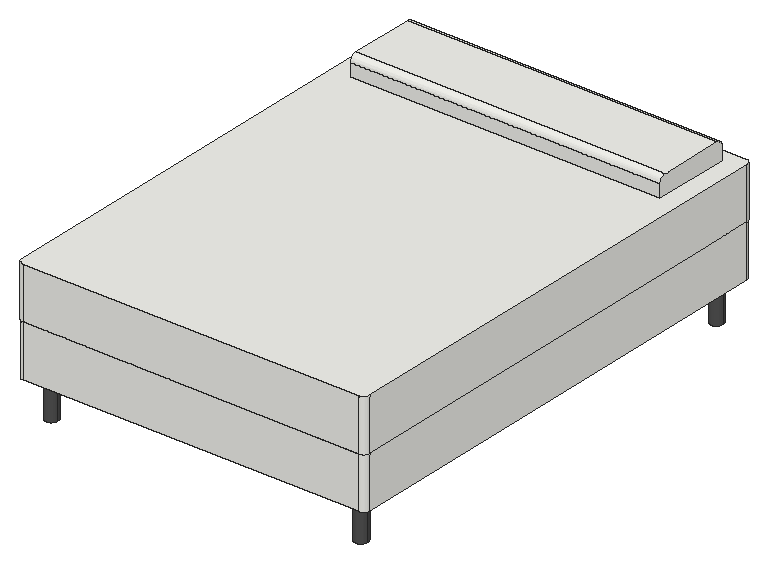
Revit family "M_Cama-Padrão", category Mobiliário, Revit 2019
Family settings
  Número OmniClass = 23.40.20.17.14.11
  Título OmniClass = Beds
  ID de item do Seek = Bed-Standard-0000-CAN-ENU
  Com base no plano de trabalho = Não
  Sempre na vertical = Sim
  Corte com vazios quando carregada = Não
  Compartilhado = Não
  Ponto de cálculo do ambiente = Não
Parameters (values of type "1372 x 1905 mm - Casal")
  Material da perna = Aço, Cromo polido
  Comprimento = 1905.00 mm
  Material do colchão = Linho, branco
  Largura = 1372.00 mm
Types (5, lengths in mm): name | Comprimento | Largura
  (no name) | 1905.00 | 1372.00
  1372 x 1905 mm - Casal | 1905.00 | 1372.00
  0965 x 1905 mm - Solteiro | 1905.00 | 965.00
  1525 x 2007 mm - Queen | 2007.00 | 1525.00
  1981 x 2032 mm - King | 2032.00 | 1981.00
Reference planes
  plane 1 "Centro (Frente/Trás)": y = -45.595
  plane 2: z = 0
  plane 3 "Centro (Esquerda/Direita)": x = 271.489
  plane 4: y = 906.905
  plane 5: y = -998.095
  plane 6: x = 957.489
  plane 7: x = -414.511
  plane 8: x = -338.311
  plane 9: x = 881.289
  plane 10: y = 830.705
  plane 11: y = -921.895
  plane 12: x = -338.311
  plane 13: x = 881.289
Forms (mm)
  Extrusion 1, solid, material "Linho, branco"
    sketch origin (0, 0, 355.6) x (1, 0, 0) y (0, 1, 0)
      loop
        line (932.089, 906.905) -> (-389.111, 906.905)
        arc (-389.111, 906.905) -> (-407.072, 899.465) -> (-414.511, 881.505) r 25.4
        line (-414.511, 881.505) -> (-414.511, -972.695)
        arc (-414.511, -972.695) -> (-407.072, -990.656) -> (-389.111, -998.095) r 25.4
        line (-389.111, -998.095) -> (932.089, -998.095)
        arc (932.089, -998.095) -> (950.049, -990.656) -> (957.489, -972.695) r 25.4
        line (957.489, -972.695) -> (957.489, 881.505)
        arc (957.489, 881.505) -> (950.049, 899.465) -> (932.089, 906.905) r 25.4
    from 0 to 203.2
  Extrusion 2, solid, material "Aço, Cromo polido"
    sketch origin (0, 0, 0) x (1, 0, 0) y (0, 1, 0)
      loop
        circle (-338.311, 830.705) r 25.4
      loop
        circle (881.289, 830.705) r 25.4
      loop
        circle (881.289, -921.895) r 25.4
      loop
        circle (-338.311, -921.895) r 25.4
    from 0 to 152.4
  Extrusion 3, solid, material "Linho, branco"
    sketch origin (957.489, 0, 0) x (0, -1, 0) y (0, 0, 1)
      loop
        line (-856.105, 558.8) -> (-551.305, 558.8) -> (-551.305, 609.6)
        arc (-551.305, 609.6) -> (-558.744, 627.561) -> (-576.705, 635) r 25.4
        line (-576.705, 635) -> (-830.705, 635)
        arc (-830.705, 635) -> (-848.665, 627.561) -> (-856.105, 609.6) r 25.4
        line (-856.105, 609.6) -> (-856.105, 558.8)
    from 76.2 to 1295.8
  Extrusion 4, solid, material "Linho, branco"
    sketch origin (0, 0, 0) x (1, 0, 0) y (0, 1, 0)
      loop
        line (-414.511, 881.505) -> (-414.511, -972.695)
        arc (-414.511, -972.695) -> (-407.072, -990.656) -> (-389.111, -998.095) r 25.4
        line (-389.111, -998.095) -> (932.089, -998.095)
        arc (932.089, -998.095) -> (950.049, -990.656) -> (957.489, -972.695) r 25.4
        line (957.489, -972.695) -> (957.489, 881.505)
        arc (957.489, 881.505) -> (950.049, 899.465) -> (932.089, 906.905) r 25.4
        line (932.089, 906.905) -> (-389.111, 906.905)
        arc (-389.111, 906.905) -> (-407.072, 899.465) -> (-414.511, 881.505) r 25.4
    from 152.4 to 355.6
Lines and regions (mm)
  Masking region 1
    outline origin (0, 0, 0) x (1, 0, 0) y (0, 1, 0)
      loop
        line (-414.511, 906.905) -> (-414.511, -998.095) -> (957.489, -998.095) -> (957.489, 906.905) -> (-414.511, 906.905)
  symbolic lines
    curve 1: line (-414.511, 906.905, 0) -> (957.489, 906.905, 0)
    curve 2: line (-414.511, 906.905, 0) -> (-414.511, -998.095, 0)
    curve 3: line (-414.511, -998.095, 0) -> (957.489, -998.095, 0)
    curve 4: line (957.489, 906.905, 0) -> (957.489, -998.095, 0)
    curve 5: line (-338.311, 856.105, 0) -> (881.289, 856.105, 0)
    curve 6: line (-338.311, 856.105, 0) -> (-338.311, 602.105, 0)
    curve 7: line (-338.311, 602.105, 0) -> (881.289, 602.105, 0)
    curve 8: line (881.289, 856.105, 0) -> (881.289, 602.105, 0)
    curve 9: line (957.489, 602.105, 0) -> (-414.511, 384.183, 0)
Dimensions and locks
  equal spacing: plane 7, plane 3 "Centro (Esquerda/Direita)", plane 6
  equal spacing: plane 5, plane 1 "Centro (Frente/Trás)", plane 4
  "Largura": plane 7 to plane 6
  "Comprimento": plane 5 to plane 4
  locked: plane 10 to plane 4 at 76.2
  locked: plane 5 to plane 11 at 76.2
  locked: plane 7 to plane 8 at 76.2
  locked: plane 9 to plane 6 at 76.2
  locked: plane 7 to plane 12 at 76.2
  locked: plane 13 to plane 6 at 76.2
  aligned and locked: Masking region 1 sketch curve to plane 7
  aligned and locked: Masking region 1 sketch curve to plane 5
  aligned and locked: plane 6 to Masking region 1 sketch curve
  aligned and locked: plane 4 to Masking region 1 sketch curve
  aligned and locked: plane 12 to Extrusion 3
  aligned and locked: Extrusion 3 to plane 13
  aligned and locked: plane 13 to curve 8
  aligned and locked: plane 13 to Extrusion 3  (x4)
  aligned and locked: plane 12 to curve 6
  aligned and locked: Extrusion 3 to plane 12
Automatic sketch dimensions
  Extrusion 1 sketch curve to plane 7 = 0.00 mm
  Extrusion 1 sketch curve to plane 4 = 0.00 mm
  Extrusion 1 sketch curve to plane 5 = 0.00 mm
  Extrusion 1 sketch curve to plane 6 = 0.00 mm
  Extrusion 1 sketch curve to plane 7 = 25.40 mm  (x2)
  plane 4 to Extrusion 1 sketch curve = 25.40 mm
  plane 6 to Extrusion 1 sketch curve = 25.40 mm
  Extrusion 2 sketch curve to plane 11 = 0.00 mm  (x2)
  Extrusion 2 sketch curve to plane 8 = 0.00 mm  (x2)
  Extrusion 2 sketch curve to plane 10 = 0.00 mm  (x2)
  Extrusion 2 sketch curve to plane 9 = 0.00 mm  (x2)
  Extrusion 2 sketch curve to Extrusion 2 sketch curve = 25.40 mm  (x2)
  Extrusion 2 sketch curve to plane 7 = 50.80 mm
  plane 9 to Extrusion 2 sketch curve = 25.40 mm
  Extrusion 4 sketch curve to plane 7 = 0.00 mm
  Extrusion 4 sketch curve to plane 4 = 0.00 mm
  Extrusion 4 sketch curve to plane 5 = 0.00 mm
  Extrusion 4 sketch curve to plane 6 = 0.00 mm
  Extrusion 4 sketch curve to plane 7 = 25.40 mm  (x2)
  plane 6 to Extrusion 4 sketch curve = 25.40 mm
  plane 4 to Extrusion 4 sketch curve = 25.40 mm
  plane 4 to Extrusion 3 sketch curve = 50.80 mm
  Extrusion 3 sketch curve to Extrusion 3 sketch curve = 25.40 mm  (x2)
  Extrusion 3 sketch curve to Extrusion 3 sketch curve = 50.80 mm
  Extrusion 3 sketch curve to Extrusion 3 sketch curve = 254.00 mm
  level to Extrusion 3 sketch curve = 558.80 mm
  curve 3 to plane 5 = 0.00 mm
  curve 3 to plane 7 = 0.00 mm
  curve 3 to plane 6 = 0.00 mm
  curve 4 to plane 4 = 0.00 mm
  curve 9 to plane 1 "Centro (Frente/Trás)" = 429.778 mm
  curve 9 to curve 7 = 217.922 mm
  curve 9 to curve 7 = 0.00 mm
  plane 4 to curve 6 = 50.80 mm
